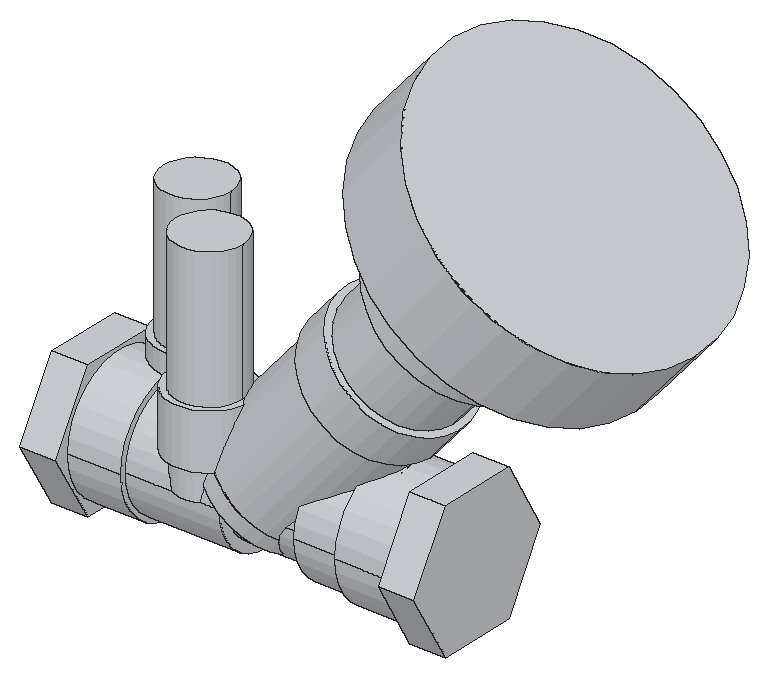
Revit family "D9515-DN-RFA_2019", category Pipe Accessories, Revit 2019
Family settings
  Round Connector Dimension = Use Diameter
  Part Type = Valve - Breaks Into
  Work Plane-Based = No
  Always vertical = Yes
  Cut with Voids When Loaded = No
  Shared = No
Parameters (values of type "D9515 DN15")
  magiProductId = "17cbc467cde14417a5a74aa240a316"
  magiProductFamilyId = "2231140663314cd0b01ba8939d6b11"
  magiPartTypeId = 304
  isMeasuringValve [instance] = no
  ang2D [instance] = 0.00°
  W2D = 15 mm
  W21 = 6.75 mm
  VersionID = "2.0/2017.10.31.1/VIR_9515_001"
  Use Minimum Symbol Size [instance] = yes
  URL = "www.hydronix.cz"
  Type Comments = "Ruční vyvažovací ventil s měřením na cloně; PN25; -10~+130°C; (měřicí vsuvky -10~+120°C)"
  RN2 = 17.55 mm
  RN = 17.55 mm
  R7 = 9 mm
  R6 = 7.5 mm
  R3 = 14.625 mm
  R2 = 13.5 mm
  R14 = 20 mm
  R13 = 14.625 mm
  R12 = 16.087 mm
  R11 = 14.625 mm
  R1 = 11.25 mm
  QmdConnectorList = "301;D;302;D"
  Productdata [instance] = ""
  NUT1 = no
  Manufacturer = "Hydronix"
  MC Product Code = "9515 015 (DN15, PN25; kvs1,92; kvc2,80)"
  MC Piping Given Pressure Drop [instance] = 0.0 Pa
  L_2 = 43.9 mm
  L5 = 2 mm
  L4__ve = -L4  # -21 mm
  L4 = 21 mm
  L3 = 10 mm
  L2__ve = -L2  # -12 mm
  L2D_Min = 3048 mm
  L2D = 87.8 mm
  L22 = 21 mm
  L21 = 7.5 mm
  L2 = 12 mm
  L1__ve = -L1  # -8 mm
  L1 = 8 mm
  HWR = 35 mm
  H24 = 30.9 mm
  H23 = 12.36 mm
  H22 = 6.725 mm
  H21 = 6.625 mm
  H15 = 20 mm
  H14 = 19.088 mm
  H13 = 9 mm
  H12 = 10 mm
  H11 = 32 mm
  H10 = 4 mm
  Description = "Ruční vyvažovací ventil s měřením na cloně; PN25"
  D = 15 mm
  CenSd_RN_6 = RN * cos(30.00°)  # 15.199 mm
  CenSd_RN2_6 = RN2 * cos(30.00°)  # 15.199 mm
  CAT0 = yes
Types (6, lengths in mm): name | magiProductId | W21 | RN2 | RN | R3 | R2 | R13 | R12 | R11 | R1 | MC Product Code | L_2 | L3 | L2__ve | L2 | L1__ve | L1 | H24 | H23 | H22 | H21 | H14 | H12 | H10 | D | CenSd_RN_6 | CenSd_RN2_6
  D9515 DN15 | "17cbc467cde14417a5a74aa240a316" | 6.75 | 17.55 | 17.55 | 14.625 | 13.5 | 14.625 | 16.087 | 14.625 | 11.25 | "9515 015 (DN15, PN25; kvs1,92; kvc2,80)" | 43.9 | 10 | -12 | 12 | -8 | 8 | 30.9 | 12.36 | 6.725 | 6.625 | 19.088 | 10 | 4 | 15 | 15.199 | 15.199
  D9515 DN20 | "db511cd39f454f418d6e49e6ac0c56" | 7.5 | 19.5 | 19.5 | 16.25 | 15 | 16.25 | 17.875 | 16.25 | 12.5 | "9515 020 (DN20, PN25; kvs3,67; kvc5,33)" | 47.95 | 10 | -12 | 12 | -9 | 9 | 30.9 | 12.36 | 8.35 | 8.25 | 18.088 | 10 | 5 | 20 | 16.887 | 16.887
  D9515 DN25 | "e8aaae3d88cc438088acb51c2ae749" | 8.25 | 21.45 | 21.45 | 17.875 | 16.5 | 17.875 | 19.663 | 17.875 | 13.75 | "9515 025 (DN25, PN25; kvs6,24; kvc9,72)" | 50 | 12 | -14 | 14 | -10 | 10 | 30.9 | 12.36 | 9.975 | 9.875 | 17.088 | 10 | 6 | 25 | 18.576 | 18.576
  D9515 DN32 | "dc2d0354abae4200a8eaff76faf524" | 9.3 | 20.4 | 24.18 | 20.15 | 18.6 | 17 | 22.165 | 20.15 | 15.5 | "9515 032 (DN32, PN25; kvs12,54; kvc20,25)" | 58.75 | 13 | -15 | 15 | -11.4 | 11.4 | 36.9 | 14.76 | 12.25 | 12.15 | 37.197 | 15 | 7 | 32 | 20.94 | 17.667
  D9515 DN40 | "9b6b6dd7761a428fa780a8a57ab3c3" | 10.5 | 20.4 | 27.3 | 22.75 | 21 | 17 | 25.025 | 22.75 | 17.5 | "9515 040 (DN40, PN25; kvs19,59; kvc30,23)" | 63.5 | 14 | -16 | 16 | -13 | 13 | 37.5 | 15 | 14.85 | 14.75 | 38.807 | 15 | 8 | 40 | 23.642 | 17.667
  D9515 DN50 | "6b5b9dd02a164b53a7f96efb176f34" | 12 | 20.4 | 31.2 | 26 | 24 | 17 | 28.6 | 26 | 20 | "9515 050 (DN50, PN25; kvs29,72; kvc55,07)" | 72.65 | 15 | -17 | 17 | -15 | 15 | 40.8 | 16.32 | 18.1 | 18 | 51.167 | 15 | 10 | 50 | 27.02 | 17.667
Reference planes
  plane 1 "Center (Front/Back)": y = 0
  plane 2 "XYPLANE": z = 0
  plane 3 "Center (Left/Right)": x = 0
  plane 4 "329": through (-573.962, 0, 485.155) normal (0.6428, 0, 0.766)
  plane 5 "328": y = -6.75
  plane 6 "327": y = 6.75
  plane 7 "312": through (-553.393, 0, 509.668) normal (0.6428, 0, 0.766)
  plane 8 "176": z = 18.985
  plane 9 "173": z = 6.725
  plane 10 "163": x = -2
  plane 11 "158": x = 13.9
  plane 12 "157": x = 23.9
  plane 13 "154": x = -2.9
  plane 14 "83": z = 19.085
  plane 15 "76": x = -23.9
  plane 16 "73": z = 6.625
  plane 17 "70": z = 0
  plane 18 "69": y = 0
  plane 19 "68": x = -10.4
  plane 20 "60": through (-521.84, 0, 547.272) normal (0.6428, 0, 0.766)
  plane 21 "57": through (-534.695, 0, 531.951) normal (0.6428, 0, 0.766)
  plane 22 "54": through (-546.965, 0, 517.329) normal (0.6428, 0, 0.766)
  plane 23 "32": through (-576.533, 0, 482.091) normal (0.6428, 0, 0.766)
  plane 24 "31": y = 0
  plane 25 "30": through (480.091, 0, 574.533) normal (0.766, 0, -0.6428)
  plane 26 "21": x = -23.9
  plane 27 "20": x = 35.9
  plane 28 "19": x = -35.9
  plane 29 "13": x = 0
  plane 30 "11": x = 43.9
  plane 31 "10": x = -43.9
  plane 32 "9": y = 0
  plane 33 "8": z = 0
  plane 34 "65XY": z = 0
  plane 35 "65XZ": y = 0
  plane 36 "65YZ": x = -2.9
  plane 37 "27XY": through (-576.533, 0, 482.091) normal (0.6428, 0, 0.766)
  plane 38 "27XZ": y = 0
  plane 39 "27YZ": through (480.091, 0, 574.533) normal (0.766, 0, -0.6428)
Forms (mm)
  Extrusion 1, solid, visible <- "CAT0"
    sketch origin (-576.533, 0, 482.091) x (0.766044, 0, -0.642788) y (0, 1, 0)
      loop
        circle (750, 0) r 14.625
    from 0 to 4 <- "H10"
  Extrusion 2, solid
    sketch origin (23.9, -750, 0) x (0, 1, 0) y (0, 0, 1)
      loop
        circle (750, 0) r 14.625
    from 0 to 12 <- "L2"
  Extrusion 3, solid
    sketch origin (13.9, -750, 0) x (0, 1, 0) y (0, 0, 1)
      loop
        circle (750, 0) r 13.5
    from 0 to 10 <- "L3"
  Extrusion 4, solid
    sketch origin (-23.9, -750, 0) x (0, 1, 0) y (0, 0, 1)
      loop
        circle (750, 0) r 14.625
    from 0 to -12 <- "L2__ve"
  Extrusion 5, solid
    sketch origin (-2.9, -750, 0) x (0, 1, 0) y (0, 0, 1)
      loop
        circle (750, 0) r 13.5
    from 0 to -21 <- "L4__ve"
  Extrusion 6, solid
    sketch origin (-573.962, 0, 485.155) x (0.766044, 0, -0.642788) y (0, 1, 0)
      loop
        circle (750, 0) r 14.625
    from 0 to 32 <- "H11"
  Extrusion 7, solid
    sketch origin (-2.9, 750, 18.985) x (0, -1, 0) y (1, 0, 0)
      loop
        circle (743.25, -21) r 7.5
    from 0 to 30.9 <- "H24"
  Extrusion 8, solid
    sketch origin (-2.9, 750, 6.625) x (0, -1, 0) y (1, 0, 0)
      loop
        circle (743.25, -21) r 9
    from 0 to 12.36 <- "H23"
  Extrusion 9, solid
    sketch origin (-546.965, 0, 517.329) x (0.766044, 0, -0.642788) y (0, 1, 0)
      loop
        circle (750, 0) r 14.625
    from 0 to 19.088 <- "H14"
  Extrusion 10, solid, visible <- "NUT1"
    sketch origin (-546.965, 0, 517.329) x (0.766044, 0, -0.642788) y (0, 1, 0)
      loop
        line (750, 17.55) -> (734.801, 8.775) -> (734.801, -8.775) -> (750, -17.55) -> (765.199, -8.775) -> (765.199, 8.775) -> (750, 17.55)
    from 0 to 9 <- "H13"
  Blend 11, solid
    base sketch origin (-2.9, -750, 0) x (0, 1, 0) y (0, 0, 1)
      loop
        circle (750, 0) r 11.25
    top sketch origin (-2.9, -750, 0) x (0, 1, 0) y (0, 0, 1)
      loop
        circle (750, 0) r 11.25
    from 0 to 16.8
  Extrusion 12, solid
    sketch origin (-2.9, 750, 0) x (0, -1, 0) y (1, 0, 0)
      loop
        circle (756.75, -7.5) r 7.5
    from 0 to 6.725 <- "H22"
  Extrusion 13, solid
    sketch origin (-2.9, 750, 19.085) x (0, -1, 0) y (1, 0, 0)
      loop
        circle (756.75, -7.5) r 7.5
    from 0 to 30.9 <- "H24"
  Extrusion 14, solid
    sketch origin (-2.9, 750, 0) x (0, -1, 0) y (1, 0, 0)
      loop
        circle (743.25, -21) r 7.5
    from 0 to 6.625 <- "H21"
  Extrusion 15, solid
    sketch origin (-2.9, 750, 6.725) x (0, -1, 0) y (1, 0, 0)
      loop
        circle (756.75, -7.5) r 9
    from 0 to 12.36 <- "H23"
  Extrusion 16, solid, visible <- "CAT0"
    sketch origin (-521.84, 0, 547.272) x (0.766044, 0, -0.642788) y (0, 1, 0)
      loop
        circle (750, 0) r 35
    from 0 to 20 <- "H15"
  Extrusion 17, solid
    sketch origin (-534.695, 0, 531.951) x (0.766044, 0, -0.642788) y (0, 1, 0)
      loop
        circle (750, 0) r 20
    from 0 to 20 <- "H15"
  Extrusion 18, solid
    sketch origin (-553.393, 0, 509.668) x (0.766044, 0, -0.642788) y (0, 1, 0)
      loop
        circle (750, 0) r 16.087
    from 0 to 10 <- "H12"
  Extrusion 19, solid
    sketch origin (43.9, -750, 0) x (0, 1, 0) y (0, 0, 1)
      loop
        line (732.45, 0) -> (741.225, -15.199) -> (758.775, -15.199) -> (767.55, 0) -> (758.775, 15.199) -> (741.225, 15.199) -> (732.45, 0)
    from 0 to -8 <- "L1__ve"
  Extrusion 20, solid
    sketch origin (-43.9, -750, 0) x (0, 1, 0) y (0, 0, 1)
      loop
        line (767.55, 0) -> (758.775, 15.199) -> (741.225, 15.199) -> (732.45, 0) -> (741.225, -15.199) -> (758.775, -15.199) -> (767.55, 0)
    from 0 to 8 <- "L1"
  Extrusion 21, solid, not visible
    sketch origin (43.9, -750, 0) x (0, 1, 0) y (0, 0, 1)
      loop
        circle (750, 0) r 10
    from 0 to -10
  Extrusion 22, solid, not visible
    sketch origin (-43.9, -750, 0) x (0, 1, 0) y (0, 0, 1)
      loop
        circle (750, 0) r 10
    from 0 to 10
Lines and regions (mm)
  reference lines, not visible
    curve 1: circle (2, 2, 0) r 1 normal (0, 0, 1)
  reference lines
    curve 2: line (27.568, 0, 35.238) -> (33.39, -4.387, 30.353)
    curve 3: line (27.568, 0, 35.238) -> (27.568, -8.775, 35.238)
    curve 4: line (27.568, 0, 35.238) -> (21.747, -4.387, 40.123)
    curve 5: line (43.9, 0, 0) -> (43.9, 4.387, -7.599)
    curve 6: line (43.9, 0, 0) -> (43.9, 8.775, 0)
    curve 7: line (43.9, 0, 0) -> (43.9, 4.387, 7.599)
    curve 8: line (-43.9, 0, 0) -> (-43.9, -4.387, -7.599)
    curve 9: line (-43.9, 0, 0) -> (-43.9, -8.775, 0)
    curve 10: line (-43.9, 0, 0) -> (-43.9, -4.387, 7.599)
Dimensions and locks
  plane 1 "Center (Front/Back)" to curve 1 = 2 mm
  "H10": plane 23 "32" to plane 4 "329"
  "W21": plane 18 "69" to plane 5 "328"
  "W21": plane 18 "69" to plane 6 "327"
  "H11": plane 4 "329" to plane 7 "312"
  "H23": plane 16 "73" to plane 8 "176"
  "H22": plane 17 "70" to plane 9 "173"
  "L5": plane 29 "13" to plane 10 "163"
  "L3": plane 12 "157" to plane 11 "158"
  "L2": plane 27 "20" to plane 12 "157"
  "L4": plane 26 "21" to plane 13 "154"
  "H23": plane 9 "173" to plane 14 "83"
  "L22": plane 13 "154" to plane 15 "76"
  "H21": plane 17 "70" to plane 16 "73"
  locked: plane 33 "8" to plane 17 "70"
  locked: plane 32 "9" to plane 18 "69"
  "L21": plane 13 "154" to plane 19 "68"
  "H15": plane 21 "57" to plane 20 "60"
  "H14": plane 22 "54" to plane 21 "57"
  "H12": plane 7 "312" to plane 22 "54"
  locked: plane 37 "27XY" to plane 23 "32"
  locked: plane 32 "9" to plane 24 "31"
  locked: plane 39 "27YZ" to plane 25 "30"
  "L2": plane 28 "19" to plane 26 "21"
  "L1": plane 30 "11" to plane 27 "20"
  "L1": plane 31 "10" to plane 28 "19"
  locked: plane 3 "Center (Left/Right)" to plane 29 "13"
  "L_2": plane 3 "Center (Left/Right)" to plane 30 "11"
  "L_2": plane 3 "Center (Left/Right)" to plane 31 "10"
  locked: plane 1 "Center (Front/Back)" to plane 32 "9"
  locked: plane 2 "XYPLANE" to plane 33 "8"
  "CenSd_RN2_6": curve 2 to Extrusion 10 sketch curve  (x2)
  "CenSd_RN2_6": curve 3 to Extrusion 10 sketch curve  (x2)
  "CenSd_RN2_6": curve 4 to Extrusion 10 sketch curve  (x2)
  Extrusion 10 sketch curve to Extrusion 10 sketch curve = 0 mm  (x12)
  "CenSd_RN_6": curve 5 to Extrusion 19 sketch curve  (x2)
  "CenSd_RN_6": curve 6 to Extrusion 19 sketch curve  (x2)
  "CenSd_RN_6": curve 7 to Extrusion 19 sketch curve  (x2)
  Extrusion 19 sketch curve to Extrusion 19 sketch curve = 0 mm  (x12)
  "CenSd_RN_6": curve 8 to Extrusion 20 sketch curve  (x2)
  "CenSd_RN_6": curve 9 to Extrusion 20 sketch curve  (x2)
  "CenSd_RN_6": curve 10 to Extrusion 20 sketch curve  (x2)
  Extrusion 20 sketch curve to Extrusion 20 sketch curve = 0 mm  (x12)
  "R11": radius of Extrusion 1 sketch curve
  "R3": radius of Extrusion 2 sketch curve
  "R2": radius of Extrusion 3 sketch curve
  "R3": radius of Extrusion 4 sketch curve
  "R2": radius of Extrusion 5 sketch curve
  "R11": radius of Extrusion 6 sketch curve
  "R6": radius of Extrusion 7 sketch curve
  "R7": radius of Extrusion 8 sketch curve
  "R13": radius of Extrusion 9 sketch curve
  "R1": radius of Blend 11 sketch curve  (x2)
  "R6": radius of Extrusion 12 sketch curve
  "R6": radius of Extrusion 13 sketch curve
  "R6": radius of Extrusion 14 sketch curve
  "R7": radius of Extrusion 15 sketch curve
  "HWR": radius of Extrusion 16 sketch curve
  "R14": radius of Extrusion 17 sketch curve
  "R12": radius of Extrusion 18 sketch curve
  locked: curve 3 to curve 2 (angle 60.00°)
  locked: curve 4 to curve 3 (angle 60.00°)
  locked: curve 4 to curve 2 (angle 120.00°)
  locked: curve 6 to curve 5 (angle 60.00°)
  locked: curve 7 to curve 6 (angle 60.00°)
  locked: curve 7 to curve 5 (angle 120.00°)
  locked: curve 9 to curve 8 (angle 60.00°)
  locked: curve 10 to curve 9 (angle 60.00°)
  locked: curve 10 to curve 8 (angle 120.00°)
  aligned and locked: level to plane 2 "XYPLANE"
  aligned and locked: plane 24 "31" to Extrusion 1 sketch curve
  aligned and locked: Extrusion 1 sketch curve to plane 25 "30"
  aligned and locked: Extrusion 2 sketch curve to plane 32 "9"
  aligned and locked: plane 33 "8" to Extrusion 2 sketch curve
  aligned and locked: Extrusion 3 sketch curve to plane 32 "9"
  aligned and locked: plane 33 "8" to Extrusion 3 sketch curve
  aligned and locked: Extrusion 4 sketch curve to plane 32 "9"
  aligned and locked: plane 33 "8" to Extrusion 4 sketch curve
  aligned and locked: Extrusion 5 sketch curve to plane 32 "9"
  aligned and locked: plane 33 "8" to Extrusion 5 sketch curve
  aligned and locked: plane 24 "31" to Extrusion 6 sketch curve
  aligned and locked: Extrusion 6 sketch curve to plane 25 "30"
  aligned and locked: plane 6 "327" to Extrusion 7 sketch curve
  aligned and locked: plane 15 "76" to Extrusion 7 sketch curve
  aligned and locked: plane 6 "327" to Extrusion 8 sketch curve
  aligned and locked: plane 15 "76" to Extrusion 8 sketch curve
  aligned and locked: plane 24 "31" to Extrusion 9 sketch curve
  aligned and locked: Extrusion 9 sketch curve to plane 25 "30"
  aligned and locked: curve 2 to plane 25 "30"
  aligned and locked: plane 24 "31" to curve 3
  aligned and locked: Blend 11 sketch curve to plane 32 "9"  (x2)
  aligned and locked: plane 33 "8" to Blend 11 sketch curve  (x2)
  aligned and locked: plane 11 "158" to Blend 11
  aligned and locked: plane 5 "328" to Extrusion 12 sketch curve
  aligned and locked: plane 19 "68" to Extrusion 12 sketch curve
  aligned and locked: plane 5 "328" to Extrusion 13 sketch curve
  aligned and locked: plane 19 "68" to Extrusion 13 sketch curve
  aligned and locked: plane 6 "327" to Extrusion 14 sketch curve
  aligned and locked: plane 15 "76" to Extrusion 14 sketch curve
  aligned and locked: plane 5 "328" to Extrusion 15 sketch curve
  aligned and locked: plane 19 "68" to Extrusion 15 sketch curve
  aligned and locked: plane 24 "31" to Extrusion 16 sketch curve
  aligned and locked: Extrusion 16 sketch curve to plane 25 "30"
  aligned and locked: plane 24 "31" to Extrusion 17 sketch curve
  aligned and locked: Extrusion 17 sketch curve to plane 25 "30"
  aligned and locked: plane 24 "31" to Extrusion 18 sketch curve
  aligned and locked: Extrusion 18 sketch curve to plane 25 "30"
  aligned and locked: curve 7 to plane 32 "9"
  aligned and locked: plane 33 "8" to curve 7
  aligned and locked: curve 10 to plane 32 "9"
  aligned and locked: plane 33 "8" to curve 10
  aligned and locked: Extrusion 21 sketch curve to plane 32 "9"
  aligned and locked: plane 33 "8" to Extrusion 21 sketch curve
  aligned and locked: Extrusion 22 sketch curve to plane 32 "9"
  aligned and locked: plane 33 "8" to Extrusion 22 sketch curve
Automatic sketch dimensions
  Extrusion 21 sketch curve to plane 5 "328" = 3.25 mm
  Extrusion 22 sketch curve to plane 5 "328" = 3.25 mm
  plane 3 "Center (Left/Right)" to curve 1 = 2 mm
  radius of curve 1 = 1 mm
Connectors
  piping at (-43.9, 0, 0), diameter 15, driven by "D"
    settings: on Extrusion 22, index 1, connector inside diameter 609.6 mm, connector length 0 mm, flow factor 0, pipe flow 0.0 L/s, pressure drop 0.0 Pa, fitting loss kfactor 0, connector angle 0.00°, fixture units 0, engagement length 0 mm, angle of deflection 0.00°, flow configuration 0, flow direction 0, fitting loss method 0, system type 29, joint type 0, gender type 0, connector reference index 2, connector utility 0, adjustable connector no, is connector primary yes, connector description ""
  piping at (43.9, 0, 0), diameter 15, driven by "D"
    settings: on Extrusion 21, index 2, connector inside diameter 609.6 mm, connector length 0 mm, flow factor 0, pipe flow 0.0 L/s, pressure drop 0.0 Pa, fitting loss kfactor 0, connector angle 0.00°, fixture units 0, engagement length 0 mm, angle of deflection 0.00°, flow configuration 0, flow direction 0, fitting loss method 0, system type 29, joint type 0, gender type 0, connector reference index 1, connector utility 0, adjustable connector no, is connector primary no, connector description ""
